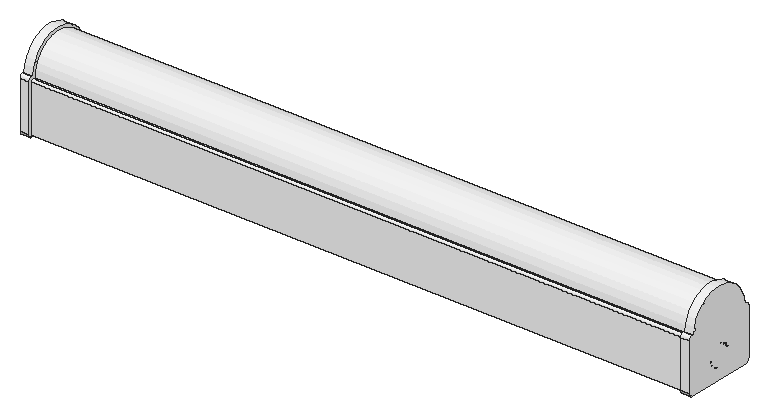
Revit family "0045177 Feilo Sylvania Lighting Fixture SYLBATTEN LED2 WW TP3", category Lighting Fixtures, host Face, Revit 2017
Family settings
  Host = Face
  Round Connector Dimension = Use Diameter
  Part Type = Normal
  OmniClass Number = 23.80.70.00
  OmniClass Title = Lighting
  Cut with Voids When Loaded = No
  Light Source = Yes
  Shared = No
  Room Calculation Point = No
Parameters (values of type "0045177 SYLBATTEN LED2 WW TP3")
  Width_FEILO = 66 mm
  Weight = "1.432 kg"
  Wattage Comments = "n/a"
  Wattage = 22 W
  WarrantyStartDate [instance] = "n/a"
  WarrantyGuarantorParts = "n/a"
  WarrantyDurationUnit = "n/a"
  WarrantyDurationParts = "n/a"
  WarrantyDescription = "n/a"
  built-in parameter 1150110 = 1 (stored number, unit not read)
  Voltage = 230 V
  URL = "http://www.sylvania-lighting.com"
  TypeName = "SYLBATTEN LED2 WW TP3"
  Type Image = <None>
  Type Comments = "n/a"
  built-in parameter 1114217 = 1 (stored number, unit not read)
  Tilt Angle = -90.00°
  built-in parameter 1150109 = 1 (stored number, unit not read)
  built-in parameter 1150134 = (empty or 0)
  SymReflector_FEILO = no
  built-in parameter 1150113 = 1 (stored number, unit not read)
  SerialNumber [instance] = "n/a"
  PowerFactor = 0
  PowerConsumption = "22 W"
  Photometric Web File = "0045177.ies"
  NominalLength = 605 mm
  NominalHeight = 76 mm
  NominalDepth = 66 mm
  Name = "SYLBATTEN LED2 WW TP3"
  ModelReference = Name  # "SYLBATTEN LED2 WW TP3"
  ModelNumber = "0045177"
  Model = Name  # "SYLBATTEN LED2 WW TP3"
  Material_4_FEILO = Reflector-Sylvania-Sylbatten-White
  Material_3_FEILO = Diffuser-Sylvania-Sylbatten-Glow
  Material_2_FEILO = Body-Sylvania-Sylbatten-White
  Material_1_FEILO = Body-Sylvania-Sylbatten-White
  Material = "sheet steel housing, polycarbonate diffuser"
  ManufacturerName = "Feilo Sylvania"
  Manufacturer = "Feilo Sylvania"
  LuminousEfficacy = "92 lm/W"
  built-in parameter 1150105 = 161.06 (stored number, unit not read)
  Lumens = 2024 lm
  LuminaireType = ""
  built-in parameter 1150115 = 1 (stored number, unit not read)
  LightOutputRatio = "100"
  built-in parameter 1150137 = (empty or 0)
  built-in parameter 1150139 = (empty or 0)
  Length_FEILO = 605 mm
  LampsType = Lamp  # "LED"
  LampNominalLuminous = "2024 lm"
  LampMacAdamStep = "n/a"
  LampColourTemperature = "3000 K"
  LampColourRenderingIndex = "80"
  built-in parameter 1150112 = 1 (stored number, unit not read)
  built-in parameter 1150114 = 1 (stored number, unit not read)
  Lamp = "LED"
  Keynote = "16500"
  InstallationDate [instance] = "n/a"
  InputVoltage = "220-240V~"
  InputNominalFrequency = "n/a"
  built-in parameter 1150132 = (empty or 0)
  built-in parameter 1150102 = (empty or 0)
  built-in parameter 1150107 = 3000 (stored number, unit not read)
  built-in parameter 1150138 = (empty or 0)
  IngressProtection = "IP20"
  ImpactProtectionIndex = "IK07"
  built-in parameter 1150106 = 1.6106 (stored number, unit not read)
  IfcExportType = "IfcLightFixtureType"
  IfcExportAs = "IfcLightFixtureType"
  Height_FEILO = 76 mm
  ExpectedLife = 50000
  Emit from Rectangle Width = Length_FEILO - 16 mm  # 589 mm
  Emit from Rectangle Length = Width_FEILO - 40 mm  # 26 mm
  Emit Shape Visible in Rendering = no
  ElectricShockClassification = "Class I"
  built-in parameter 1150104 = 8.5471 (stored number, unit not read)
  DurationUnit = "hours"
  DocumentationLiterature = "http://www.sylvania-lighting.com/product/en-int/products/0045177"
  DimmingControlOptions = "n/a"
  Dimming Lamp Color Temperature Shift = <None>
  Description = "LED batten, T8 replacement, ease of installation through 2 part push-in design of the housing (safety cable included), through wiring capability (TP3 = 3 core), sheet steel, 2024LM, 22W, 92lm/W, 3000K, drive current: 350mA, CRI 80, 138° wide beam angle, electronic driver (non dimmable), IP20, IK07, 50,000 hrs (L70), (LxWxH) 605x66x76mm, 5 step MacAdam ellipse, 1.8kg, white RAL 9016, Class 1, 220-240V, energy class: A++, A+, A."
  Default Elevation = 1219.2 mm
  CreatedOn = "1/25/2018"
  CreatedBy = ""
  Cost = 0
  Color Filter = 16777215
  built-in parameter 1114216 [instance] = (empty or 0)
  ClassificationValue = "EF_70_80"
  ClassificationName = "Uniclass2015"
  CapOffset_FEILO = 2 mm
  BarCode [instance] = "n/a"
  built-in parameter 1114218 = 1 (stored number, unit not read)
  BackReflector_FEILO = and(not(AsymReflector_FEILO), SymReflector_FEILO)  # no
  built-in parameter 1150133 = 10 (stored number, unit not read)
  FrontReflector_FEILO = or(AsymReflector_FEILO, SymReflector_FEILO)  # no
  AsymReflector_FEILO = no
  AssetType = "Fixed"
  AssetIdentifier [instance] = "n/a"
  Assembly Code = "D5020200"
  Apparent Load = 22 VA
Reference planes
  plane 1 "Center (Front/Back)": y = 0
  plane 2: z = 0
  plane 3 "Center (Left/Right)": x = 0
  plane 4: x = 302.5
  plane 5: x = -302.5
  plane 6: y = 33
  plane 7: y = -33
  plane 8: z = 76
  plane 9: z = 47
  plane 10: y = -29
  plane 11: y = 29
  plane 12: z = 20
  plane 13: z = 74
  plane 14: y = -31
  plane 15: y = -27
  plane 16: y = 27
  plane 17: y = 31
  plane 18: z = 2
  plane 19: x = -294.5
  plane 20: x = 294.5
  plane 21: z = 49
  plane 22: y = 1
  plane 23: y = -1
  plane 24: z = 21
  plane 25: z = 19
  plane 26: y = -61
  plane 27: y = 61
  plane 28: y = -56
  plane 29: y = 56
  plane 30: z = 91
  plane 31: z = 88
Forms (mm)
  Extrusion 1, solid, material "Body-Sylvania-Sylbatten-White" <- "Material_2_FEILO"
    sketch origin (0, 0, 0) x (0, 1, 0) y (0, 0, 1)
      loop
        line (-31, 2) -> (31, 2) -> (31, 45)
        arc (31, 45) -> (30.414, 46.414) -> (29, 47) r 2
        line (29, 47) -> (27, 47)
        arc (27, 47) -> (0, 74) -> (-27, 47) r 27
        line (-27, 47) -> (-29, 47)
        arc (-29, 47) -> (-30.414, 46.414) -> (-31, 45) r 2
        line (-31, 45) -> (-31, 2)
    from -294.5 to 294.5
  Extrusion 2, solid, material "Body-Sylvania-Sylbatten-White" <- "Material_2_FEILO"
    sketch origin (302.5, 1524, 1219.2) x (0, 1, 0) y (0, 0, 1)
      loop
        arc (-1494, -1219.2) -> (-1491.879, -1218.321) -> (-1491, -1216.2) r 3
        line (-1491, -1216.2) -> (-1491, -1173.2)
        arc (-1491, -1173.2) -> (-1491.879, -1171.079) -> (-1494, -1170.2) r 3
        line (-1494, -1170.2) -> (-1495.069, -1170.2)
        arc (-1495.069, -1170.2) -> (-1524, -1143.2) -> (-1552.931, -1170.2) r 29
        line (-1552.931, -1170.2) -> (-1554, -1170.2)
        arc (-1554, -1170.2) -> (-1556.121, -1171.079) -> (-1557, -1173.2) r 3
        line (-1557, -1173.2) -> (-1557, -1216.2)
        arc (-1557, -1216.2) -> (-1556.121, -1218.321) -> (-1554, -1219.2) r 3
        line (-1554, -1219.2) -> (-1494, -1219.2)
      loop
        arc (-1525, -1189.25) -> (-1531.071, -1192.129) -> (-1533.95, -1198.2) r 10
        line (-1533.95, -1198.2) -> (-1532.944, -1198.2)
        arc (-1532.944, -1198.2) -> (-1530.364, -1192.836) -> (-1525, -1190.256) r 9
        line (-1525, -1190.256) -> (-1525, -1189.25)
      loop
        arc (-1523, -1190.256) -> (-1517.636, -1192.836) -> (-1515.056, -1198.2) r 9
        line (-1515.056, -1198.2) -> (-1514.05, -1198.2)
        arc (-1514.05, -1198.2) -> (-1516.929, -1192.129) -> (-1523, -1189.25) r 10
        line (-1523, -1189.25) -> (-1523, -1190.256)
      loop
        line (-1532.944, -1200.2) -> (-1533.95, -1200.2)
        arc (-1533.95, -1200.2) -> (-1531.071, -1206.271) -> (-1525, -1209.15) r 10
        line (-1525, -1209.15) -> (-1525, -1208.144)
        arc (-1525, -1208.144) -> (-1530.364, -1205.564) -> (-1532.944, -1200.2) r 9
      loop
        arc (-1515.056, -1200.2) -> (-1517.636, -1205.564) -> (-1523, -1208.144) r 9
        line (-1523, -1208.144) -> (-1523, -1209.15)
        arc (-1523, -1209.15) -> (-1516.929, -1206.271) -> (-1514.05, -1200.2) r 10
        line (-1514.05, -1200.2) -> (-1515.056, -1200.2)
    from 0 to -8
  Extrusion 3, solid, material "Body-Sylvania-Sylbatten-White" <- "Material_2_FEILO"
    sketch origin (-302.5, 1524, 1219.2) x (0, 1, 0) y (0, 0, 1)
      loop
        arc (-1495.069, -1170.2) -> (-1524, -1143.2) -> (-1552.931, -1170.2) r 29
        line (-1552.931, -1170.2) -> (-1554, -1170.2)
        arc (-1554, -1170.2) -> (-1556.121, -1171.079) -> (-1557, -1173.2) r 3
        line (-1557, -1173.2) -> (-1557, -1216.2)
        arc (-1557, -1216.2) -> (-1556.121, -1218.321) -> (-1554, -1219.2) r 3
        line (-1554, -1219.2) -> (-1494, -1219.2)
        arc (-1494, -1219.2) -> (-1491.879, -1218.321) -> (-1491, -1216.2) r 3
        line (-1491, -1216.2) -> (-1491, -1173.2)
        arc (-1491, -1173.2) -> (-1491.879, -1171.079) -> (-1494, -1170.2) r 3
        line (-1494, -1170.2) -> (-1495.069, -1170.2)
      loop
        line (-1533.95, -1198.2) -> (-1532.944, -1198.2)
        arc (-1532.944, -1198.2) -> (-1530.364, -1192.836) -> (-1525, -1190.256) r 9
        line (-1525, -1190.256) -> (-1525, -1189.25)
        arc (-1525, -1189.25) -> (-1531.071, -1192.129) -> (-1533.95, -1198.2) r 10
      loop
        line (-1523, -1189.25) -> (-1523, -1190.256)
        arc (-1523, -1190.256) -> (-1517.636, -1192.836) -> (-1515.056, -1198.2) r 9
        line (-1515.056, -1198.2) -> (-1514.05, -1198.2)
        arc (-1514.05, -1198.2) -> (-1516.929, -1192.129) -> (-1523, -1189.25) r 10
      loop
        line (-1514.05, -1200.2) -> (-1515.056, -1200.2)
        arc (-1515.056, -1200.2) -> (-1517.636, -1205.564) -> (-1523, -1208.144) r 9
        line (-1523, -1208.144) -> (-1523, -1209.15)
        arc (-1523, -1209.15) -> (-1516.929, -1206.271) -> (-1514.05, -1200.2) r 10
      loop
        line (-1525, -1209.15) -> (-1525, -1208.144)
        arc (-1525, -1208.144) -> (-1530.364, -1205.564) -> (-1532.944, -1200.2) r 9
        line (-1532.944, -1200.2) -> (-1533.95, -1200.2)
        arc (-1533.95, -1200.2) -> (-1531.071, -1206.271) -> (-1525, -1209.15) r 10
    from 0 to 8
  Extrusion 4, solid, material "Reflector-Sylvania-Sylbatten-White" <- "Material_4_FEILO", visible <- "FrontReflector_FEILO"
    sketch origin (0, 0, 0) x (0, 1, 0) y (0, 0, 1)
      loop
        line (-61.257, 88.429) -> (-60.743, 87.571) -> (-56.621, 90.044)
        arc (-56.621, 90.044) -> (-56.237, 90.099) -> (-55.929, 89.863) r 0.5
        line (-55.929, 89.863) -> (-31.435, 46.753) -> (-30.565, 47.247) -> (-55.312, 90.802)
        arc (-55.312, 90.802) -> (-55.928, 91.275) -> (-56.696, 91.165) r 1
        line (-56.696, 91.165) -> (-61.257, 88.429)
    from -294.5 to 294.5
  Extrusion 5, solid, material "Reflector-Sylvania-Sylbatten-White" <- "Material_4_FEILO", visible <- "BackReflector_FEILO"
    sketch origin (0, 0, 0) x (0, 1, 0) y (0, 0, 1)
      loop
        line (30.565, 47.247) -> (31.435, 46.753) -> (55.932, 89.868)
        arc (55.932, 89.868) -> (56.245, 90.112) -> (56.638, 90.062) r 0.518
        line (56.638, 90.062) -> (61.033, 87.565) -> (61.527, 88.435) -> (56.682, 91.188)
        arc (56.682, 91.188) -> (55.922, 91.282) -> (55.318, 90.812) r 1
        line (55.318, 90.812) -> (30.565, 47.247)
    from -294.5 to 294.5
Lines and regions (mm)
  reference lines
    curve 1: line (0, -61, 88) -> (0, -56, 91)
    curve 2: line (0, -56, 91) -> (0, -31, 47)
    curve 3: line (0, 31, 47) -> (0, 56, 91)
    curve 4: line (0, 56, 91) -> (0, 61.28, 88)
Dimensions and locks
  equal spacing: plane 5, plane 3 "Center (Left/Right)", plane 4
  equal spacing: plane 7, plane 1 "Center (Front/Back)", plane 6
  "Width_FEILO": plane 7 to plane 6
  "Length_FEILO": plane 5 to plane 4
  "Height_FEILO": plane 8 to plane 2
  locked: plane 9 to plane 8 at 29
  equal spacing: plane 10, plane 1 "Center (Front/Back)", plane 11
  locked: plane 7 to plane 10 at 4
  locked: plane 12 to plane 2 at 20
  "CapOffset_FEILO": plane 13 to plane 8
  "CapOffset_FEILO": plane 7 to plane 14
  "CapOffset_FEILO": plane 10 to plane 15
  "CapOffset_FEILO": plane 17 to plane 6
  "CapOffset_FEILO": plane 16 to plane 11
  "CapOffset_FEILO": plane 18 to plane 2
  locked: plane 14 to Extrusion 1 sketch curve at 2
  locked: Extrusion 1 sketch curve to plane 9 at 2  (x2)
  locked: plane 16 to Extrusion 1 sketch curve at 2
  equal spacing: plane 19, plane 3 "Center (Left/Right)", plane 20
  locked: plane 5 to plane 19 at 8
  "CapOffset_FEILO": plane 9 to plane 21
  locked: Extrusion 2 sketch curve to plane 2 at 47
  locked: Extrusion 1 sketch curve to plane 2 at 47
  locked: Extrusion 2 sketch curve to plane 2 at 3  (x2)
  locked: plane 7 to Extrusion 2 sketch curve at 3  (x2)
  locked: Extrusion 2 sketch curve to plane 6 at 3  (x2)
  locked: Extrusion 2 sketch curve to plane 21 at 3  (x2)
  equal spacing: plane 23, plane 1 "Center (Front/Back)", plane 22
  equal spacing: plane 25, plane 12, plane 24
  plane 30 to plane 31 to plane 2 = 3 mm locked, 88 mm locked
  plane 28 to plane 29 = 112 mm
  plane 26 to plane 27 = 122 mm
  aligned and locked: plane 2 to host face
  aligned and locked: level to host face
  aligned and locked: plane 18 to Extrusion 1 sketch curve
  aligned and locked: plane 14 to Extrusion 1 sketch curve
  aligned and locked: Extrusion 1 sketch curve to plane 9  (x2)
  aligned and locked: Extrusion 1 sketch curve to plane 17
  aligned and locked: plane 15 to Extrusion 1 sketch curve
  aligned and locked: plane 16 to Extrusion 1 sketch curve
  aligned and locked: plane 9 to Extrusion 1 sketch curve
  aligned and locked: plane 20 to Extrusion 1
  aligned and locked: level to Extrusion 2 sketch curve
  aligned and locked: Extrusion 2 sketch curve to plane 7
  aligned and locked: plane 21 to Extrusion 2 sketch curve
  aligned and locked: Extrusion 2 sketch curve to plane 21
  aligned and locked: plane 1 "Center (Front/Back)" to Extrusion 2 sketch curve  (x3)
  aligned and locked: Extrusion 2 to Extrusion 1
  aligned and locked: plane 4 to Extrusion 2
  aligned and locked: plane 12 to Extrusion 2 sketch curve  (x2)
  aligned and locked: Extrusion 2 sketch curve to plane 22
  aligned and locked: Extrusion 2 sketch curve to plane 23
  aligned and locked: Extrusion 2 sketch curve to plane 24
  aligned and locked: Extrusion 2 sketch curve to plane 25
  aligned and locked: plane 25 to Extrusion 2 sketch curve
  aligned and locked: plane 22 to Extrusion 2 sketch curve
  aligned and locked: plane 24 to Extrusion 2 sketch curve
  aligned and locked: plane 23 to Extrusion 2 sketch curve  (x2)
  aligned and locked: Extrusion 3 sketch curve to Extrusion 2  (x22)
  aligned and locked: Extrusion 3 to Extrusion 1
  aligned and locked: Extrusion 3 to plane 5
  aligned and locked: plane 19 to Extrusion 3
  aligned and locked: plane 31 to curve 1
  aligned and locked: plane 30 to curve 1
  aligned and locked: plane 14 to curve 2
  aligned and locked: plane 9 to curve 2
  aligned and locked: plane 17 to curve 3
  aligned and locked: plane 30 to curve 3
  aligned and locked: plane 31 to curve 4
  aligned and locked: Extrusion 4 sketch curve to curve 2
  aligned and locked: Extrusion 4 sketch curve to curve 1
  aligned and locked: Extrusion 4 to Extrusion 1
  aligned and locked: Extrusion 1 to Extrusion 4
  aligned and locked: imposter light to plane 1 "Center (Front/Back)"
  aligned and locked: imposter light to plane 3 "Center (Left/Right)"
  aligned and locked: imposter light to plane 13
  aligned and locked: Extrusion 5 sketch curve to curve 4
  aligned and locked: Extrusion 5 sketch curve to curve 3
  aligned and locked: Extrusion 1 to Extrusion 5
  aligned and locked: Extrusion 5 to Extrusion 1
Automatic sketch dimensions
  host sketch curve to host sketch curve = 2438.4 mm  (x2)
  Extrusion 2 sketch curve to Extrusion 2 sketch curve = 0 mm  (x14)
  Extrusion 2 sketch curve to plane 10 = 0.069 mm
  plane 23 to Extrusion 2 sketch curve = 8.95 mm
  Extrusion 2 sketch curve to Extrusion 2 sketch curve = 1.006 mm  (x4)
  Extrusion 2 sketch curve to plane 22 = 7.944 mm
  curve 1 to plane 26 = 0 mm
  curve 2 to plane 28 = 0 mm
  curve 4 to plane 29 = 0 mm
  plane 9 to curve 3 = 0 mm
  plane 26 to Extrusion 4 sketch curve = 0.257 mm
  Extrusion 4 sketch curve to plane 26 = 0.257 mm
  Extrusion 4 sketch curve to plane 30 = 0.165 mm
  plane 28 to Extrusion 4 sketch curve = 0.696 mm
  plane 28 to Extrusion 4 sketch curve = 0.621 mm
  plane 28 to Extrusion 4 sketch curve = 0.364 mm
  plane 28 to Extrusion 4 sketch curve = 0.182 mm
  Extrusion 4 sketch curve to plane 28 = 0.071 mm
  plane 30 to Extrusion 4 sketch curve = 0.198 mm
  Extrusion 4 sketch curve to plane 28 = 0.688 mm
  plane 9 to Extrusion 4 sketch curve = 0.247 mm
  plane 1 "Center (Front/Back)" to Extrusion 4 sketch curve = 31.435 mm
  Extrusion 5 sketch curve to plane 9 = 0.247 mm
  Extrusion 5 sketch curve to plane 1 "Center (Front/Back)" = 30.565 mm
  plane 9 to Extrusion 5 sketch curve = 0.247 mm
  plane 30 to Extrusion 5 sketch curve = 0.188 mm
  plane 29 to Extrusion 5 sketch curve = 0.068 mm
  Extrusion 5 sketch curve to plane 29 = 0.188 mm
  Extrusion 5 sketch curve to plane 29 = 0.382 mm
  Extrusion 5 sketch curve to Extrusion 5 sketch curve = 0.256 mm
  Extrusion 5 sketch curve to plane 30 = 0.188 mm
  Extrusion 5 sketch curve to plane 29 = 0.682 mm
  Extrusion 5 sketch curve to plane 27 = 0.033 mm
  Extrusion 5 sketch curve to plane 27 = 0.527 mm
Connectors
  electrical at (0, 0, 0), driven by "Apparent Load", driven by "PowerFactor", driven by "Voltage"
    settings: index 1, voltage 230 V, apparent load 22 VA, apparent load phase1 0 VA, apparent load phase2 0 VA, apparent load phase3 0 VA, power factor 0, load classification "Lighting", number of poles 1, system type 30, power factor state 1, is connector primary yes, connector utility no, sub classification motor no, connector description ""
